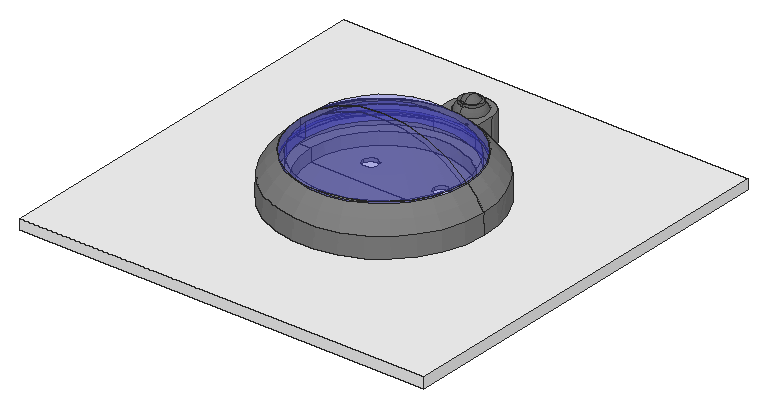
Revit family "BE_24191_de_DE", category Leuchten, Revit 2020
Family settings
  Basisbauteil = Fläche
  Bemaßung runder Anschluss = Durchmesser verwenden
  Teiletyp = Normal
  Beim Laden mit Abzugskörper schneiden = Ja
  Lichtquelle = Ja
  Gemeinsam genutzt = Nein
  Raumberechnungspunkt = Ja
Parameters (values of type "BEGA_24191_Grafit_K3")
  built-in parameter 1150104 = 15.394 (stored number, unit not read)
  Wattage = 7 W
  Default Elevation = 0 mm
  built-in parameter 1150113 = 1 (stored number, unit not read)
  built-in parameter 1114218 = 1 (stored number, unit not read)
  Umgebungstemperatur = "25 °C"
  URL = "https://www.bega.com/de/produkt/24191"
  Typenkommentare = "© 2022 BEGA. Wir behalten uns das Recht vor, technische Änderungen ohne vorherige Ankündigung vorzunehmen."  # constant formula
  Type Image = 24191.png
  built-in parameter 1150134 = (empty or 0)
  built-in parameter 1150109 = 1 (stored number, unit not read)
  Strom = ""
  built-in parameter 1150110 = 1 (stored number, unit not read)
  Spannung = 239.996 V
  Sonderanfertigung = no
  Seriennummer [instance] = "Hier können Sie die eindeutige Seriennummer für das Facility Management eintragen."
  Schutzklasse = "I"
  Schutzart = "IP 65"
  Scheinlast = 0 VA
  Produktdatenblatt = "https://cdn.bega.com/bega/products/24191K3/current/documents/data-sheets/de"
  Oberflächentemperatur = ""
  Neigungswinkel = 0.00°
  Modell = "24191K3"
  Material_18 = BEGA_Gummi_schwarz
  Material_17 = BEGA_Reflektor
  Material_15 = BEGA_Leuchtmedium_matt
  Material_14 = BEGA_Kunststoff_opal
  Material_11 = BEGA_Glas_opal
  Material_09 = BEGA_Glas_klar
  Material_06 = BEGA_Oberfläche_Edelstahl_gebürstet
  Material_03 = BEGA_Oberfläche_Weiss_matt
  Material_02 = BEGA_Oberfläche_Silber_matt
  Material_01 [instance] = BEGA_Oberfläche_Grafit_matt
  M_W = no
  M_G = yes
  M_A = no
  Logo = 0
  built-in parameter 1114217 = 1 (stored number, unit not read)
  built-in parameter 1150139 = (empty or 0)
  built-in parameter 1150105 = 92.302 (stored number, unit not read)
  built-in parameter 1150114 = 1 (stored number, unit not read)
  Lumens = 1159.9 lm
  built-in parameter 1150115 = 1 (stored number, unit not read)
  Leuchtenlichtstrom = "888 lm"
  Leuchtenanzahl = ""
  Lebensdauerkriterien = "L70B50 @ 25 °C = 165000 h"
  Lastklassifizierung = Beleuchtung
  built-in parameter 1150112 = 1 (stored number, unit not read)
  Lampenlichtstrom = "1100 lm"
  Lampe = "LED 6.5 W"
  LED_Modulbezeichnung = "LED-1182/830"
  built-in parameter 1150142 = (empty or 0)
  Hersteller = "BEGA"  # constant formula
  Halbstreuwinkel = ""
  Gewicht = "1.25 kg"
  Gebrauchslageneinschränkung [instance] = ""
  Frequenz = "0/50-60 Hz"
  Farbwiedergabeindex = "CRI > 80"
  Farbtemperaturverschiebung bei Dämpfen der Lampe = <Keine Auswahl>
  Farbtemperatur = "3000 K"
  Color Filter = 16777215
  built-in parameter 1150133 = 10 (stored number, unit not read)
  Energieeffizienzklasse = "LED A++ - A"
  built-in parameter 1150137 = (empty or 0)
  built-in parameter 1150132 = (empty or 0)
  ENEC = ""
  Datei für fotometrisches Netz = "BE_24191K3.IES"
  CE_Konformität = "ja"
  Bestellnummer = "24191K3"
  Beschreibung_Sonderanfertigung = "Hier können Sie Informationen zur Sonderanfertigung eintragen."
  Beschreibung = "Wandleuchte mit PIR-Bewegungs- und Lichtsensor"
  built-in parameter 1150106 = 0.92302 (stored number, unit not read)
  Befestigungsbohrung = "Ø 4,5 mm"
  Befestigungsabstand = "178 mm"
  Ballwurfsicher = ""
  BEGA_Intern_aus = yes
  BEGA_Intern_an = yes
  BEGA_Intern_Konstruktion = yes
  BEGA_Intern = yes
  BEGA_IES = yes
  BEGA_Dummy = no
  Anschlussleitung = ""
  Anschlussleistung [instance] = "9 W"
  built-in parameter 1150107 = 3000 (stored number, unit not read)
  built-in parameter 1150102 = (empty or 0)
  built-in parameter 1150138 = (empty or 0)
  Aktualisierung = "2022-05-18T04:00:07"
  Abstand_zur_angestrahlten_Fläche [instance] = ""
  AC/DC = "AC/DC"
Types (4, lengths in mm): name | built-in parameter 1150104 | built-in parameter 1150134 | Modell | M_G | M_A | built-in parameter 1150105 | Lumens | Leuchtenlichtstrom | Lampenlichtstrom | LED_Modulbezeichnung | Farbtemperatur | Datei für fotometrisches Netz | Bestellnummer | built-in parameter 1150106 | built-in parameter 1150107
  BEGA_24191_Silber_K3 | 15.394 (stored number, unit not read) | (empty or 0) | "24191AK3" | no | yes | 92.302 (stored number, unit not read) | 1159.9 lm | "888 lm" | "1100 lm" | "LED-1182/830" | "3000 K" | "BE_24191K3.IES" | "24191AK3" | 0.92302 (stored number, unit not read) | 3000 (stored number, unit not read)
  BEGA_24191_Silber_K4 | 16.193 (stored number, unit not read) | 12 | "24191AK4" | no | yes | 97.092 (stored number, unit not read) | 1220.1 lm | "933 lm" | "1155 lm" | "LED-1182/840" | "4000 K" | "BE_24191K4.IES" | "24191AK4" | 0.97092 (stored number, unit not read) | 4000 (stored number, unit not read)
  BEGA_24191_Grafit_K3 | 15.394 (stored number, unit not read) | (empty or 0) | "24191K3" | yes | no | 92.302 (stored number, unit not read) | 1159.9 lm | "888 lm" | "1100 lm" | "LED-1182/830" | "3000 K" | "BE_24191K3.IES" | "24191K3" | 0.92302 (stored number, unit not read) | 3000 (stored number, unit not read)
  BEGA_24191_Grafit_K4 | 16.193 (stored number, unit not read) | 12 | "24191K4" | yes | no | 97.092 (stored number, unit not read) | 1220.1 lm | "933 lm" | "1155 lm" | "LED-1182/840" | "4000 K" | "BE_24191K4.IES" | "24191K4" | 0.97092 (stored number, unit not read) | 4000 (stored number, unit not read)
Reference planes
  plane 1 "Mitte (Vorne/Hinten)": y = 0
  plane 2: z = 0
  plane 3 "Mitte (Links/Rechts)": x = 0
  plane 4 "Links": x = -100
  plane 5 "Rechts": x = 100
  plane 6 "Unten": y = -100
  plane 7 "Oben": y = 128.279
  plane 8 "Vorne": z = 75.099
  plane 9 "Hinten": z = 0
Forms (mm)
  Extrusion 1, solid, material "BEGA_Platte_Weiss"
    sketch origin (0, -1119.2, 0) x (1, 0, 0) y (0, 1, 0)
      loop
        line (-200, 1319.2) -> (-200, 919.2) -> (200, 919.2) -> (200, 1319.2) -> (-200, 1319.2)
    from 0 to -10
  Extrusion 2, solid, material "BEGA_Dummy_matt", visible <- "BEGA_Dummy"
    sketch origin (77.149, -76.023, 0) x (1, 0, 0) y (0, 1, 0)
      loop
        circle (-77.149, 76.023) r 128.279
    from 0 to 75.099
Dimensions and locks
  plane 1 "Mitte (Vorne/Hinten)" to Extrusion 1 = 200 mm
  aligned and locked: plane 2 to Extrusion 1
  aligned and locked: level to Extrusion 1
Nested families
  nested 1: "BE_24191" at (0, 0, 0), type "BE_24191"
Connectors
  electrical at (0, 0, 0), driven by "Lastklassifizierung", driven by "Spannung", driven by "Scheinlast"
    settings: index 1, voltage 239.996 V, apparent load 0 VA, apparent load phase1 0 VA, apparent load phase2 0 VA, apparent load phase3 0 VA, power factor 1, load classification "Beleuchtung", number of poles 1, system type 31, power factor state 1, is connector primary yes, connector utility no, sub classification motor no, connector description ""
Definition of nested family "BE_24191"
  Parameters (values of type "BE_24191")
    Default Elevation = 1 mm
    URL = "http://www.bega.de/de/produkt"
    Type Comments = "© 2015 BEGA. Wir behalten uns das Recht vor, technische Änderungen ohne vorherige Ankündigung vorzunehmen. "  # constant formula
    Type Image = (empty or 0)
    Neigungswinkel_um_Z2 = 0.00°
    Neigungswinkel_um_Z1 = 0.00°
    Neigungswinkel_um_Y2 = 0.00°
    Neigungswinkel_um_Y1 = 0.00°
    Neigungswinkel_um_X2 = 0.00°
    Neigungswinkel_um_X1 = 0.00°
    Material_18 = none
    Material_17 = none
    Material_15 = none
    Material_14 = none
    Material_13 = none
    Material_11 = none
    Material_10 = none
    Material_09 = none
    Material_06 = none
    Material_02 = none
    Material_01 = none
    M_W = yes
    M_G = yes
    M_A = yes
    Länge_Platte = 200 mm  # constant formula
    Höhe_Platte = -10 mm  # constant formula
    Manufacturer = "BEGA"  # constant formula
    Drehwinkel_um_Z2 = 0.00°
    Drehwinkel_um_Z1 = 0.00°
    Breite_Platte = 200 mm  # constant formula
  Reference planes
    plane 1 "Mitte (Oben/Unten)": y = 0
    plane 2: z = 0
    plane 3 "Mitte (Links/Rechts)": x = 0
    plane 4 "Vorne": z = 75.099
    plane 5 "Hinten": z = 0
    plane 6: x = 100
    plane 7: x = -100
    plane 8: y = -100
    plane 9: y = 128.279
  Forms (mm)
    Extrusion 1, solid, detail levels medium
      sketch origin (0, 0, 0) x (1, 0, 0) y (0, 1, 0)
        loop
          line (-100, 100) -> (-100, -100) -> (100, -100) -> (100, 100) -> (-100, 100)
      from 0 to -10 <- "Höhe_Platte"
    Revolve 2, solid, material <- "Material_01", visible <- "M_G"
      sketch origin (0, 0, 0) x (1, 0, 0) y (0, 0, 1)
        loop
          line (-100, 2.7) -> (-97.4, 2.7) -> (-96.75, 21.323)
          arc (-96.75, 21.323) -> (-92.487, 27.148) -> (-87.874, 32.7) r 117.3
          line (-87.874, 32.7) -> (-83, 32.7) -> (-82.676, 41.974)
          arc (-82.676, 41.974) -> (-91.522, 32.612) -> (-99.314, 22.355) r 120
          line (-99.314, 22.355) -> (-100, 2.7)
        axis (0, 41.974) -> (0, 2.7)
      angle from 0 to 360
    Revolve 3, solid, material <- "Material_14"
      sketch origin (0, 0, 0) x (1, 0, 0) y (0, 0, 1)
        loop
          arc (0, 75.2) -> (-44.082, 66.81) -> (-82, 42.813) r 120
          line (-82, 42.813) -> (-82, 30.7) -> (-85.8, 30.7) -> (-85.8, 25.7) -> (-77, 25.7) -> (-77, 40.616)
          arc (-77, 40.616) -> (-41.244, 62.549) -> (0, 70.2) r 114.999
          line (0, 70.2) -> (0, 75.2)
        axis (0, 75.2) -> (0, 25.7)
      angle from 0 to 360
    Revolve 4, solid, material <- "Material_01"
      sketch origin (0, 0, 0) x (1, 0, 0) y (0, 0, 1)
        loop
          line (-83, 19.2) -> (-83.67, 0) -> (-80, 0) -> (-79.633, 10.5) -> (-75.2, 10.5) -> (-74.99, 4.5) -> (0, 4.5) -> (0, 7.2) -> (-72.081, 7.2) -> (-72.5, 19.2) -> (-83, 19.2)
        axis (0, 19.2) -> (0, 0)
      angle from 0 to 360
    Extrusion 5, solid, material <- "Material_01"
      sketch origin (0, 0, 0) x (1, 0, 0) y (0, 1, 0)
        loop
          arc (-93.537, 16.606) -> (-95, 0) -> (-93.537, -16.606) r 95
          line (-93.537, -16.606) -> (-80.832, -18.847)
          arc (-80.832, -18.847) -> (-83, 0) -> (-80.832, 18.847) r 83
          line (-80.832, 18.847) -> (-93.537, 16.606)
        loop
          arc (-91.689, 10.251) -> (-92.261, 0) -> (-91.689, -10.251) r 92.261
          arc (-91.689, -10.251) -> (-89.205, -12.248) -> (-87.193, -9.776) r 2.261
          arc (-87.193, -9.776) -> (-87.739, -0.013) -> (-87.196, 9.75) r 87.739
          arc (-87.196, 9.75) -> (-89.191, 12.247) -> (-91.689, 10.251) r 2.261
        loop
          line (93.537, 16.606) -> (80.832, 18.847)
          arc (80.832, 18.847) -> (83, 0) -> (80.832, -18.847) r 83
          line (80.832, -18.847) -> (93.537, -16.606)
          arc (93.537, -16.606) -> (95, 0) -> (93.537, 16.606) r 95
        loop
          arc (91.689, 10.251) -> (89.191, 12.247) -> (87.196, 9.75) r 2.261
          arc (87.196, 9.75) -> (87.739, -0.013) -> (87.193, -9.776) r 87.739
          arc (87.193, -9.776) -> (89.205, -12.248) -> (91.689, -10.251) r 2.261
          arc (91.689, -10.251) -> (92.261, 0) -> (91.689, 10.251) r 92.261
      from 0 to 3.203
    Extrusion 6, void
      sketch origin (0, 0, 0) x (1, 0, 0) y (0, 1, 0)
        loop
          circle (-35.173, 27.774) r 7.454
        loop
          circle (35.173, 27.774) r 7.454
      from 0 to 10.5
    Revolve 7, solid, material <- "Material_02", visible <- "M_A"
      sketch origin (0, 0, 0) x (1, 0, 0) y (0, 0, 1)
        loop
          line (-100, 2.7) -> (-97.4, 2.7) -> (-96.75, 21.323)
          arc (-96.75, 21.323) -> (-92.487, 27.148) -> (-87.874, 32.7) r 117.3
          line (-87.874, 32.7) -> (-83, 32.7) -> (-82.676, 41.974)
          arc (-82.676, 41.974) -> (-91.522, 32.612) -> (-99.314, 22.355) r 120
          line (-99.314, 22.355) -> (-100, 2.7)
        axis (0, 41.974) -> (0, 2.7)
      angle from 0 to 360
    Extrusion 8, void
      sketch origin (0, 0, 0) x (1, 0, 0) y (0, 1, 0)
        loop
          line (-20.5, 107.779) -> (-20.5, 87.634)
          arc (-20.5, 87.634) -> (0, 90) -> (20.5, 87.634) r 90
          line (20.5, 87.634) -> (20.5, 107.779)
          arc (20.5, 107.779) -> (0, 128.279) -> (-20.5, 107.779) r 20.5
      from 0 to 250
    Extrusion 9, solid, material <- "Material_01", visible <- "M_G"
      sketch origin (0, 0, 0) x (1, 0, 0) y (0, 1, 0)
        loop
          arc (20.5, 107.779) -> (0, 128.279) -> (-20.5, 107.779) r 20.5
          line (-20.5, 107.779) -> (-20.5, 87.634)
          arc (-20.5, 87.634) -> (0, 89.985) -> (20.5, 87.634) r 90.574
          line (20.5, 87.634) -> (20.5, 107.779)
        loop
          circle (0, 107.779) r 15.1
      from 3 to 32
    Revolve 10, solid, material <- "Material_18"
      sketch origin (0, 0, 0) x (0, 1, 0) y (0, 0, 1)
        loop
          line (93.206, 30.475) -> (93.004, 28.362) -> (107.779, 27.197) -> (108.402, 45.014)
          arc (108.402, 45.014) -> (103.864, 43.944) -> (100.424, 40.796) r 9.251
          line (100.424, 40.796) -> (97.815, 40.796) -> (97.704, 38.908)
          arc (97.704, 38.908) -> (94.765, 35.06) -> (93.206, 30.475) r 15
        axis (108.402, 45.014) -> (107.779, 27.197)
      angle from 0 to 360
    Extrusion 11, solid, material <- "Material_02", visible <- "M_A"
      sketch origin (0, 0, 0) x (1, 0, 0) y (0, 1, 0)
        loop
          arc (20.5, 107.779) -> (0, 128.279) -> (-20.5, 107.779) r 20.5
          line (-20.5, 107.779) -> (-20.5, 87.634)
          arc (-20.5, 87.634) -> (0, 89.985) -> (20.5, 87.634) r 90.574
          line (20.5, 87.634) -> (20.5, 107.779)
        loop
          circle (0, 107.779) r 15.1
      from 3 to 32
  Cuts and joins
    Extrusion 6 cuts Revolve 4
    Extrusion 6 cuts Extrusion 5
    joined: Revolve 4, Extrusion 5
    Extrusion 6 cuts Revolve 3
    Extrusion 8 cuts Revolve 2
    Extrusion 8 cuts Revolve 7
  Dimensions and locks
    equal spacing: Extrusion 1 sketch curve, plane 3 "Mitte (Links/Rechts)", Extrusion 1 sketch curve
    equal spacing: Extrusion 1 sketch curve, plane 1 "Mitte (Oben/Unten)", Extrusion 1 sketch curve
    "Länge_Platte": Extrusion 1 sketch curve to Extrusion 1 sketch curve
    "Breite_Platte": Extrusion 1 sketch curve to Extrusion 1 sketch curve
    aligned and locked: plane 2 to Extrusion 1
    aligned and locked: level to Extrusion 1
  Automatic sketch dimensions
    level to Revolve 2 sketch curve = 22.355 mm
    plane 3 "Mitte (Links/Rechts)" to Revolve 2 sketch curve = 0 mm  (x2)
    level to Revolve 2 sketch curve = 2.7 mm
    Revolve 2 sketch curve to Revolve 2 sketch curve = 0.686 mm
    Revolve 2 sketch curve to Revolve 2 sketch curve = 16.637 mm
    level to Revolve 2 sketch curve = 21.323 mm
    Revolve 2 sketch curve to Revolve 2 sketch curve = 2.564 mm
    Revolve 2 sketch curve to Revolve 2 sketch curve = 0 mm
    Revolve 2 sketch curve to Revolve 2 sketch curve = 2.6 mm
    Revolve 2 sketch curve to Revolve 2 sketch curve = 5.198 mm
    level to Revolve 2 sketch curve = 32.7 mm
    Revolve 2 sketch curve to Revolve 2 sketch curve = 4.874 mm
    level to Revolve 2 sketch curve = 41.974 mm
    Revolve 3 sketch curve to plane 3 "Mitte (Links/Rechts)" = 0 mm  (x2)
    plane 3 "Mitte (Links/Rechts)" to Revolve 3 sketch curve = 0 mm
    Revolve 3 sketch curve to level = 44.8 mm
    Revolve 3 sketch curve to Revolve 3 sketch curve = 0 mm
    level to Revolve 3 sketch curve = 40.616 mm
    Revolve 3 sketch curve to Revolve 3 sketch curve = 5 mm  (x2)
    level to Revolve 3 sketch curve = 70.2 mm
    Revolve 3 sketch curve to Revolve 3 sketch curve = 14.916 mm
    Revolve 3 sketch curve to Revolve 3 sketch curve = 2.197 mm
    Revolve 3 sketch curve to Revolve 3 sketch curve = 3.8 mm
    Revolve 4 sketch curve to plane 3 "Mitte (Links/Rechts)" = 0 mm  (x2)
    Revolve 4 sketch curve to Revolve 4 sketch curve = 0.67 mm
    level to Revolve 4 sketch curve = 0 mm
    Revolve 4 sketch curve to Revolve 4 sketch curve = 3.67 mm
    Revolve 4 sketch curve to Revolve 4 sketch curve = 4.037 mm
    Revolve 4 sketch curve to Revolve 4 sketch curve = 4.433 mm
    level to Revolve 4 sketch curve = 10.5 mm
    Revolve 4 sketch curve to Revolve 4 sketch curve = 0.21 mm
    Revolve 4 sketch curve to Revolve 4 sketch curve = 10.5 mm
    level to Revolve 4 sketch curve = 19.2 mm
    level to Revolve 4 sketch curve = 7.2 mm
    Revolve 4 sketch curve to Revolve 4 sketch curve = 3.119 mm
    Revolve 4 sketch curve to Revolve 4 sketch curve = 72.081 mm
    level to Revolve 4 sketch curve = 4.5 mm
    Revolve 4 sketch curve to plane 5 "Hinten" = 174.158 mm
    plane 4 "Vorne" to Revolve 4 sketch curve = 208.432 mm
    Extrusion 5 sketch curve to Extrusion 5 sketch curve = 0 mm  (x39)
    plane 1 "Mitte (Oben/Unten)" to Extrusion 5 sketch curve = 0 mm
    Extrusion 5 sketch curve to plane 3 "Mitte (Links/Rechts)" = 0 mm  (x2)
    Extrusion 5 sketch curve to plane 1 "Mitte (Oben/Unten)" = 18.847 mm  (x2)
    Extrusion 5 sketch curve to plane 3 "Mitte (Links/Rechts)" = 80.832 mm
    plane 1 "Mitte (Oben/Unten)" to Extrusion 5 sketch curve = 18.847 mm  (x2)
    Extrusion 5 sketch curve to Extrusion 5 sketch curve = 8.611 mm  (x4)
    plane 1 "Mitte (Oben/Unten)" to Extrusion 5 sketch curve = 16.606 mm  (x2)
    Extrusion 5 sketch curve to Extrusion 5 sketch curve = 4.095 mm  (x2)
    Extrusion 5 sketch curve to plane 1 "Mitte (Oben/Unten)" = 16.606 mm  (x2)
    plane 3 "Mitte (Links/Rechts)" to Extrusion 5 sketch curve = 0 mm
    plane 3 "Mitte (Links/Rechts)" to Extrusion 5 sketch curve = 80.832 mm
    Extrusion 5 sketch curve to Extrusion 5 sketch curve = 6.606 mm  (x4)
    plane 1 "Mitte (Oben/Unten)" to Extrusion 5 sketch curve = 0.001 mm
    Extrusion 5 sketch curve to Extrusion 5 sketch curve = 2.249 mm  (x2)
    Extrusion 5 sketch curve to Extrusion 5 sketch curve = 2.247 mm  (x6)
    Extrusion 6 sketch curve to plane 3 "Mitte (Links/Rechts)" = 35.173 mm
    plane 3 "Mitte (Links/Rechts)" to Extrusion 6 sketch curve = 35.173 mm
    Extrusion 6 sketch curve to plane 1 "Mitte (Oben/Unten)" = 27.774 mm  (x2)
    Revolve 7 sketch curve to plane 3 "Mitte (Links/Rechts)" = 0 mm
    Revolve 7 sketch curve to plane 3 "Mitte (Links/Rechts)" = 82.676 mm
    level to Revolve 7 sketch curve = 32.7 mm
    Revolve 7 sketch curve to Revolve 7 sketch curve = 0.324 mm
    Revolve 7 sketch curve to Revolve 7 sketch curve = 4.874 mm
    level to Revolve 7 sketch curve = 21.323 mm
    Revolve 7 sketch curve to Revolve 7 sketch curve = 8.875 mm
    level to Revolve 7 sketch curve = 2.7 mm
    Revolve 7 sketch curve to Revolve 7 sketch curve = 0.65 mm
    level to Revolve 7 sketch curve = 22.355 mm
    Revolve 7 sketch curve to Revolve 7 sketch curve = 2.564 mm
    Revolve 7 sketch curve to Revolve 7 sketch curve = 2.6 mm
    plane 3 "Mitte (Links/Rechts)" to Revolve 7 sketch curve = 0 mm  (x2)
    Revolve 7 sketch curve to Revolve 7 sketch curve = 0 mm
    Revolve 7 sketch curve to plane 5 "Hinten" = 174.158 mm
    plane 4 "Vorne" to Revolve 7 sketch curve = 208.432 mm
    plane 1 "Mitte (Oben/Unten)" to Extrusion 8 sketch curve = 0 mm
    Extrusion 8 sketch curve to plane 3 "Mitte (Links/Rechts)" = 0 mm  (x2)
    Extrusion 8 sketch curve to Extrusion 8 sketch curve = 20.5 mm
    Extrusion 8 sketch curve to Extrusion 8 sketch curve = 0 mm
    Extrusion 9 sketch curve to Extrusion 9 sketch curve = 0 mm  (x3)
    Extrusion 9 sketch curve to plane 3 "Mitte (Links/Rechts)" = 0 mm  (x2)
    Extrusion 9 sketch curve to Extrusion 9 sketch curve = 20.5 mm
    plane 1 "Mitte (Oben/Unten)" to Extrusion 9 sketch curve = 0.589 mm
    Revolve 10 sketch curve to Revolve 10 sketch curve = 0.201 mm
    Revolve 10 sketch curve to Revolve 10 sketch curve = 0.112 mm
    Revolve 10 sketch curve to Revolve 10 sketch curve = 0.221 mm
    Revolve 10 sketch curve to Revolve 10 sketch curve = 0.188 mm
    level to Revolve 10 sketch curve = 27.197 mm
    Revolve 10 sketch curve to Revolve 10 sketch curve = 0.803 mm
    Revolve 10 sketch curve to Revolve 10 sketch curve = 1.166 mm
    Revolve 10 sketch curve to Revolve 10 sketch curve = 2.113 mm
    Revolve 10 sketch curve to Revolve 10 sketch curve = 7.766 mm
    Revolve 10 sketch curve to Revolve 10 sketch curve = 1.888 mm
    Revolve 10 sketch curve to Revolve 10 sketch curve = 0 mm  (x4)
    Extrusion 11 sketch curve to Extrusion 11 sketch curve = 0 mm  (x3)
    Extrusion 11 sketch curve to plane 3 "Mitte (Links/Rechts)" = 0 mm  (x2)
    Extrusion 11 sketch curve to plane 3 "Mitte (Links/Rechts)" = 20.5 mm
    plane 1 "Mitte (Oben/Unten)" to Extrusion 11 sketch curve = 0.589 mm
    Extrusion 8 sketch curve to plane 1 "Mitte (Oben/Unten)" = 87.634 mm
    Extrusion 8 sketch curve to Extrusion 8 sketch curve = 20.145 mm
    Extrusion 9 sketch curve to plane 1 "Mitte (Oben/Unten)" = 87.634 mm
    Extrusion 9 sketch curve to Extrusion 9 sketch curve = 20.145 mm
    Revolve 10 sketch curve to plane 1 "Mitte (Oben/Unten)" = 93.004 mm
    Revolve 10 sketch curve to plane 4 "Vorne" = 36.191 mm
    Revolve 10 sketch curve to Revolve 10 sketch curve = 4.498 mm
    Revolve 10 sketch curve to Revolve 10 sketch curve = 2.609 mm
    Revolve 10 sketch curve to plane 4 "Vorne" = 30.085 mm
    Extrusion 11 sketch curve to plane 1 "Mitte (Oben/Unten)" = 87.634 mm
    Extrusion 11 sketch curve to Extrusion 11 sketch curve = 20.145 mm
    radius of Extrusion 6 sketch curve = 7.454 mm  (x2)
    radius of Extrusion 9 sketch curve = 15.1 mm
    radius of Extrusion 11 sketch curve = 15.1 mm
